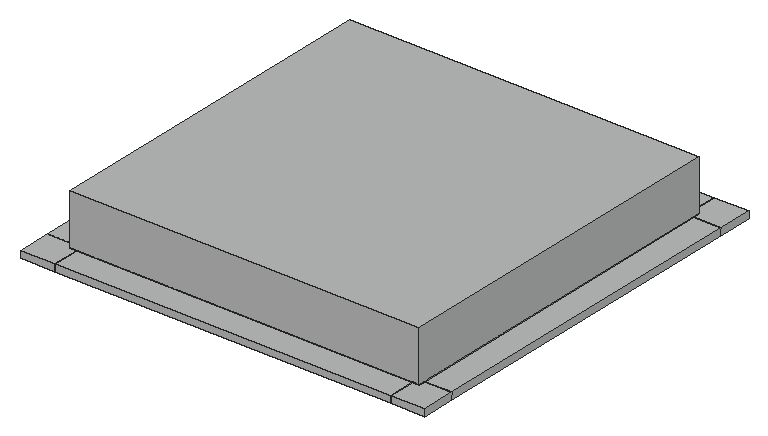
Revit family "ALUMOGIPS", category Осветительные приборы, Revit 2019 (continued)
Types (72, lengths in mm): name | Файл фотометрической сетки | built-in parameter 1150105 | Lumens | built-in parameter 1150106 | built-in parameter 1150142 | Wattage | Emit from Rectangle Width | Emit from Rectangle Length | Длина | Материал светильника | Ширина | ADSK_Ток | ADSK_Полная мощность | ADSK_Обозначение | ADSK_Номинальная мощность | ADSK_Наименование | ADSK_Масса | ADSK_Код изделия
  Alumogips-38/opal-sand 295х1195 (IP40, 4000К, серый) c БАП на 1 час | "Светильник ALUMOGIPS-38 OPAL-SAND-(295x1195).ies" | 302.39 (stored number, unit not read) | 3800 lm | 3.0239 (stored number, unit not read) | "IESNA:LM-63-1995\r\n[TEST] Протокол №334/16 от 03.11.2016г. Испытательная лаборатория Государственного предприятия \"ЦСОТ НАН Беларуси\"\r\n[MORE] FFFFFFFD255B12BA015C13F525FB5F2F2\r\n[DATA] 02.11.2016\r\n[MANUFAC] ЗАО \"Центрстройсвет\"\r\n[LUMCAT] Светильник ALUMOGIPS-38/OPAL-SAND-(295X1195)\r\n[LUMINAIRE] офисное освещение\r\n[LAMP] \r\nTILT=NONE\r\n1    -1.0   1.000 91 181 1 2   .295   1.195   0.04\r\n1.0  1.0   37.90\r\n0.0 2.0 4.0 6.0 8.0 10.0 12.0 14.0 16.0 18.0 20.0 22.0 24.0 26.0 28.0 30.0 32.0 34.0 36.0 38.0 40.0 42.0 44.0 46.0 48.0 50.0 52.0 54.0 56.0 58.0 60.0 62.0 64.0 66.0 68.0 70.0 72.0 74.0 76.0 78.0 80.0 82.0 84.0 86.0 88.0 90.0 92.0 94.0 96.0 98.0 100.0 102.0 104.0 106.0 108.0 110.0 112.0 114.0 116.0 118.0 120.0 122.0 124.0 126.0 128.0 130.0 132.0 134.0 136.0 138.0 140.0 142.0 144.0 146.0 148.0 150.0 152.0 154.0 156.0 158.0 160.0 162.0 164.0 166.0 168.0 170.0 172.0 174.0 176.0 178.0 180.0 \r\n0.0 2.0 4.0 6.0 8.0 10.0 12.0 14.0 16.0 18.0 20.0 22.0 24.0 26.0 28.0 30.0 32.0 34.0 36.0 38.0 40.0 42.0 44.0 46.0 48.0 50.0 52.0 54.0 56.0 58.0 60.0 62.0 64.0 66.0 68.0 70.0 72.0 74.0 76.0 78.0 80.0 82.0 84.0 86.0 88.0 90.0 92.0 94.0 96.0 98.0 100.0 102.0 104.0 106.0 108.0 110.0 112.0 114.0 116.0 118.0 120.0 122.0 124.0 126.0 128.0 130.0 132.0 134.0 136.0 138.0 140.0 142.0 144.0 146.0 148.0 150.0 152.0 154.0 156.0 158.0 160.0 162.0 164.0 166.0 168.0 170.0 172.0 174.0 176.0 178.0 180.0 182.0 184.0 186.0 188.0 190.0 192.0 194.0 196.0 198.0 200.0 202.0 204.0 206.0 208.0 210.0 212.0 214.0 216.0 218.0 220.0 222.0 224.0 226.0 228.0 230.0 232.0 234.0 236.0 238.0 240.0 242.0 244.0 246.0 248.0 250.0 252.0 254.0 256.0 258.0 260.0 262.0 264.0 266.0 268.0 270.0 272.0 274.0 276.0 278.0 280.0 282.0 284.0 286.0 288.0 290.0 292.0 294.0 296.0 298.0 300.0 302.0 304.0 306.0 308.0 310.0 312.0 314.0 316.0 318.0 320.0 322.0 324.0 326.0 328.0 330.0 332.0 334.0 336.0 338.0 340.0 342.0 344.0 346.0 348.0 350.0 352.0 354.0 356.0 358.0 360.0 \r\n1417.637 1416.354 1411.816 1405.303 1395.733 1384.288 1370.276 1353.307 1334.658 1313.741 1290.456 1264.901 1237.669 1208.563 1177.582 1144.923 1111.476 1076.252 \r\n1039.646 1001.857 963.476 923.417 883.260 842.018 801.072 758.644 716.317 673.693 630.576 587.064 543.749 500.435 457.614 414.891 371.972 330.137 289.191 248.836 209.765 171.778 \r\n133.693 99.653 67.389 36.901 9.077 0.592 0.592 0.592 0.493 0.493 0.493 0.493 0.493 0.493 0.493 0.493 0.395 0.395 0.395 0.395 0.395 0.395 0.395 0.296 0.296 0.296 0.296 0.296 0.296 0.296 0.296 0.197 \r\n0.197 0.197 0.197 0.197 0.197 0.197 0.197 0.098 0.098 0.098 0.098 0.098 0.098 0.098 0.098 0.000 0.000 0.000 0.000 \r\n1417.637 1416.453 1411.914 1405.402 1395.930 1384.583 1370.671 1353.701 1335.053 1314.234 1290.850 1265.395 1238.261 1209.155 1178.075 1145.515 1112.067 1076.844 \r\n1040.239 1002.548 964.167 924.207 883.951 842.708 801.762 759.336 717.008 674.383 631.267 587.755 544.441 501.126 458.206 415.385 372.465 330.631 289.585 249.231 210.160 172.172 \r\n134.088 99.949 67.685 37.198 9.275 0.592 0.592 0.592 0.493 0.493 0.493 0.493 0.493 0.493 0.493 0.493 0.395 0.395 0.395 0.395 0.395 0.395 0.395 0.296 0.296 0.296 0.296 0.296 0.296 0.296 0.296 0.197 \r\n0.197 0.197 0.197 0.197 0.197 0.197 0.197 0.098 0.098 0.098 0.098 0.098 0.098 0.098 0.098 0.000 0.000 0.000 0.000 \r\n1417.637 1416.453 1412.013 1405.600 1396.226 1384.781 1370.968 1354.095 1335.448 1314.629 1291.344 1265.888 1238.754 1209.648 1178.667 1146.206 1112.758 1077.534 \r\n1040.929 1003.140 964.857 924.898 884.740 843.400 802.453 760.026 717.698 674.976 631.859 588.446 545.032 501.718 458.798 415.977 373.057 331.124 290.079 249.625 210.553 172.567 \r\n134.383 100.245 67.883 37.394 9.472 0.592 0.592 0.592 0.493 0.493 0.493 0.493 0.493 0.493 0.493 0.493 0.395 0.395 0.395 0.395 0.395 0.395 0.395 0.296 0.296 0.296 0.296 0.296 0.296 0.296 0.296 0.197 \r\n0.197 0.197 0.197 0.197 0.197 0.197 0.197 0.098 0.098 0.098 0.098 0.098 0.098 0.098 0.098 0.000 0.000 0.000 0.000 \r\n1417.637 1416.551 1412.111 1405.796 1396.423 1385.077 1371.264 1354.391 1335.842 1315.024 1291.837 1266.382 1239.248 1210.240 1179.259 1146.798 1113.350 1078.126 \r\n1041.620 1003.831 965.548 925.588 885.431 844.090 803.143 760.717 718.389 675.666 632.549 589.038 545.723 502.310 459.390 416.569 373.550 331.617 290.474 250.119 210.948 172.863 \r\n134.679 100.541 68.178 37.591 9.669 0.592 0.592 0.592 0.493 0.493 0.493 0.493 0.493 0.493 0.493 0.493 0.395 0.395 0.395 0.395 0.395 0.395 0.395 0.296 0.296 0.296 0.296 0.296 0.296 0.296 0.296 0.197 \r\n0.197 0.197 0.197 0.197 0.197 0.197 0.197 0.098 0.098 0.098 0.098 0.098 0.098 0.098 0.098 0.000 0.000 0.000 0.000 \r\n1417.637 1416.551 1412.309 1405.895 1396.621 1385.373 1371.559 1354.786 1336.237 1315.419 1292.232 1266.875 1239.742 1210.733 1179.851 1147.390 1113.942 1078.816 \r\n1042.310 1004.521 966.238 926.279 886.121 844.879 803.834 761.408 719.080 676.357 633.240 589.728 546.315 502.902 459.982 417.062 374.043 332.110 290.967 250.513 211.343 173.258 \r\n135.074 100.837 68.376 37.888 9.965 0.592 0.592 0.592 0.493 0.493 0.493 0.493 0.493 0.493 0.493 0.493 0.395 0.395 0.395 0.395 0.395 0.395 0.395 0.296 0.296 0.296 0.296 0.296 0.296 0.296 0.296 0.197 \r\n0.197 0.197 0.197 0.197 0.197 0.197 0.197 0.098 0.098 0.098 0.098 0.098 0.098 0.098 0.098 0.000 0.000 0.000 0.000 \r\n1417.637 1416.650 1412.407 1406.093 1396.917 1385.669 1371.954 1355.181 1336.632 1315.912 1292.725 1267.368 1240.334 1211.325 1180.443 1147.982 1114.633 1079.409 \r\n1042.903 1005.212 966.929 926.969 886.812 845.569 804.524 762.098 719.770 677.048 633.832 590.320 546.907 503.494 460.574 417.654 374.636 332.603 291.460 250.908 211.738 173.653 \r\n135.371 101.133 68.671 38.086 10.163 0.592 0.592 0.592 0.493 0.493 0.493 0.493 0.493 0.493 0.493 0.493 0.395 0.395 0.395 0.395 0.395 0.395 0.395 0.296 0.296 0.296 0.296 0.296 0.296 0.296 0.296 0.197 \r\n0.197 0.197 0.197 0.197 0.197 0.197 0.197 0.098 0.098 0.098 0.098 0.098 0.098 0.098 0.098 0.000 0.000 0.000 0.000 \r\n1417.637 1416.650 1412.506 1406.191 1397.114 1385.866 1372.250 1355.576 1337.027 1316.307 1293.218 1267.861 1240.827 1211.918 1181.035 1148.672 1115.225 1080.099 \r\n1043.593 1005.902 967.620 927.660 887.503 846.260 805.215 762.789 720.461 677.739 634.523 591.011 547.598 504.086 461.166 418.247 375.129 333.098 291.855 251.401 212.132 173.948 \r\n135.666 101.429 68.968 38.381 10.360 0.592 0.592 0.592 0.493 0.493 0.493 0.493 0.493 0.493 0.493 0.493 0.395 0.395 0.395 0.395 0.395 0.395 0.395 0.296 0.296 0.296 0.296 0.296 0.296 0.296 0.296 0.197 \r\n0.197 0.197 0.197 0.197 0.197 0.197 0.197 0.098 0.098 0.098 0.098 0.098 0.098 0.098 0.098 0.000 0.000 0.000 0.000 \r\n1417.637 1416.650 1412.604 1406.389 1397.311 1386.162 1372.546 1355.871 1337.421 1316.701 1293.613 1268.355 1241.320 1212.411 1181.627 1149.265 1115.816 1080.691 \r\n1044.284 1006.593 968.212 928.351 888.194 846.951 805.906 763.479 721.151 678.429 635.213 591.702 548.190 504.777 461.758 418.740 375.721 333.591 292.348 251.796 212.527 174.343 \r\n135.962 101.627 69.165 38.579 10.557 0.592 0.592 0.592 0.493 0.493 0.493 0.493 0.493 0.493 0.493 0.395 0.395 0.395 0.395 0.395 0.395 0.395 0.395 0.296 0.296 0.296 0.296 0.296 0.296 0.296 0.296 0.197 \r\n0.197 0.197 0.197 0.197 0.197 0.197 0.197 0.098 0.098 0.098 0.098 0.098 0.098 0.098 0.098 0.000 0.000 0.000 0.000 \r\n1417.637 1416.749 1412.704 1406.586 1397.607 1386.458 1372.941 1356.266 1337.815 1317.095 1294.106 1268.848 1241.813 1213.003 1182.219 1149.856 1116.409 1081.382 \r\n1044.876 1007.283 968.902 929.042 888.885 847.642 806.597 764.170 721.843 679.120 635.806 592.293 548.881 505.368 462.351 419.332 376.214 334.084 292.841 252.191 212.922 174.738 \r\n136.357 101.922 69.461 38.776 10.853 0.592 0.592 0.592 0.493 0.493 0.493 0.493 0.493 0.493 0.493 0.395 0.395 0.395 0.395 0.395 0.395 0.395 0.395 0.296 0.296 0.296 0.296 0.296 0.296 0.296 0.296 0.197 \r\n0.197 0.197 0.197 0.197 0.197 0.197 0.197 0.098 0.098 0.098 0.098 0.098 0.098 0.098 0.098 0.000 0.000 0.000 0.000 \r\n1417.637 1416.749 1412.802 1406.684 1397.805 1386.754 1373.237 1356.661 1338.210 1317.589 1294.599 1269.341 1242.406 1213.496 1182.811 1150.448 1117.099 1081.974 \r\n1045.566 1007.974 969.593 929.732 889.575 848.333 807.287 764.861 722.533 679.712 636.496 592.985 549.472 505.960 462.942 419.825 376.707 334.577 293.236 252.684 213.317 175.034 \r\n136.652 102.218 69.659 39.072 11.051 0.592 0.592 0.592 0.493 0.493 0.493 0.493 0.493 0.493 0.493 0.395 0.395 0.395 0.395 0.395 0.395 0.395 0.395 0.296 0.296 0.296 0.296 0.296 0.296 0.296 0.296 0.197 \r\n0.197 0.197 0.197 0.197 0.197 0.197 0.197 0.098 0.098 0.098 0.098 0.098 0.098 0.098 0.098 0.000 0.000 0.000 0.000 \r\n1417.637 1416.848 1412.901 1406.882 1398.002 1387.051 1373.533 1356.957 1338.605 1317.983 1294.994 1269.834 1242.899 1214.089 1183.403 1151.041 1117.692 1082.665 \r\n1046.257 1008.566 970.284 930.423 890.266 849.121 807.978 765.552 723.224 680.403 637.187 593.675 550.163 506.553 463.534 420.416 377.300 335.071 293.729 253.079 213.712 175.429 \r\n136.949 102.515 69.954 39.269 11.248 0.592 0.592 0.592 0.493 0.493 0.493 0.493 0.493 0.493 0.493 0.395 0.395 0.395 0.395 0.395 0.395 0.395 0.395 0.296 0.296 0.296 0.296 0.296 0.296 0.296 0.296 0.197 \r\n0.197 0.197 0.197 0.197 0.197 0.197 0.197 0.098 0.098 0.098 0.098 0.098 0.098 0.098 0.098 0.000 0.000 0.000 0.000 \r\n1417.637 1416.848 1412.999 1407.079 1398.298 1387.247 1373.829 1357.352 1339.000 1318.378 1295.488 1270.327 1243.392 1214.680 1183.995 1151.731 1118.283 1083.257 \r\n1046.849 1009.257 970.975 931.113 891.055 849.813 808.668 766.242 723.914 681.093 637.779 594.266 550.755 507.145 464.126 421.009 377.793 335.564 294.222 253.474 214.105 175.823 \r\n137.343 102.810 70.250 39.467 11.445 0.592 0.592 0.592 0.493 0.493 0.493 0.493 0.493 0.493 0.493 0.395 0.395 0.395 0.395 0.395 0.395 0.395 0.395 0.296 0.296 0.296 0.296 0.296 0.296 0.296 0.296 0.197 \r\n0.197 0.197 0.197 0.197 0.197 0.197 0.197 0.098 0.098 0.098 0.098 0.098 0.098 0.098 0.098 0.000 0.000 0.000 0.000 \r\n1417.637 1416.946 1413.098 1407.178 1398.495 1387.544 1374.223 1357.747 1339.395 1318.773 1295.882 1270.822 1243.886 1215.174 1184.587 1152.323 1118.974 1083.848 \r\n1047.540 1009.947 971.665 931.903 891.746 850.503 809.359 766.933 724.507 681.784 638.470 594.958 551.445 507.836 464.718 421.502 378.287 336.057 294.617 253.967 214.500 176.119 \r\n137.640 103.106 70.447 39.762 11.741 0.592 0.592 0.592 0.493 0.493 0.493 0.493 0.493 0.493 0.493 0.395 0.395 0.395 0.395 0.395 0.395 0.395 0.395 0.296 0.296 0.296 0.296 0.296 0.296 0.296 0.296 0.197 \r\n0.197 0.197 0.197 0.197 0.197 0.197 0.197 0.098 0.098 0.098 0.098 0.098 0.098 0.098 0.098 0.000 0.000 0.000 0.000 \r\n1417.637 1416.946 1413.197 1407.376 1398.693 1387.839 1374.520 1358.042 1339.789 1319.168 1296.376 1271.315 1244.477 1215.765 1185.179 1152.915 1119.566 1084.539 \r\n1048.230 1010.638 972.356 932.594 892.436 851.194 810.050 767.623 725.197 682.474 639.160 595.649 552.038 508.427 465.310 422.094 378.878 336.550 295.111 254.362 214.895 176.514 \r\n137.935 103.403 70.744 39.960 11.939 0.592 0.592 0.592 0.493 0.493 0.493 0.493 0.493 0.493 0.493 0.395 0.395 0.395 0.395 0.395 0.395 0.395 0.395 0.296 0.296 0.296 0.296 0.296 0.296 0.296 0.296 0.197 \r\n0.197 0.197 0.197 0.197 0.197 0.197 0.197 0.098 0.098 0.098 0.098 0.098 0.098 0.098 0.098 0.000 0.000 0.000 0.000 \r\n1417.637 1417.044 1413.295 1407.474 1398.890 1388.135 1374.815 1358.437 1340.184 1319.661 1296.869 1271.808 1244.971 1216.258 1185.673 1153.507 1120.158 1085.131 \r\n1048.823 1011.329 973.046 933.284 893.127 851.884 810.741 768.314 725.888 683.165 639.752 596.240 552.728 509.019 465.902 422.686 379.371 337.044 295.505 254.757 215.388 176.909 \r\n138.232 103.698 70.942 40.157 12.136 0.592 0.592 0.592 0.493 0.493 0.493 0.493 0.493 0.493 0.493 0.395 0.395 0.395 0.395 0.395 0.395 0.395 0.395 0.296 0.296 0.296 0.296 0.296 0.296 0.296 0.296 0.197 \r\n0.197 0.197 0.197 0.197 0.197 0.197 0.197 0.098 0.098 0.098 0.098 0.098 0.098 0.098 0.098 0.000 0.000 0.000 0.000 \r\n1417.637 1417.044 1413.394 1407.671 1399.187 1388.333 1375.111 1358.832 1340.578 1320.056 1297.264 1272.301 1245.464 1216.851 1186.264 1154.099 1120.849 1085.822 \r\n1049.513 1012.020 973.737 933.975 893.818 852.575 811.432 769.004 726.578 683.855 640.443 596.930 553.321 509.611 466.494 423.180 379.964 337.537 295.999 255.250 215.783 177.304 \r\n138.626 103.994 71.237 40.453 12.333 0.592 0.592 0.592 0.493 0.493 0.493 0.493 0.493 0.493 0.493 0.395 0.395 0.395 0.395 0.395 0.395 0.395 0.395 0.296 0.296 0.296 0.296 0.296 0.296 0.296 0.296 0.197 \r\n0.197 0.197 0.197 0.197 0.197 0.197 0.197 0.098 0.098 0.098 0.098 0.098 0.098 0.098 0.098 0.000 0.000 0.000 0.000 \r\n1417.637 1417.143 1413.492 1407.869 1399.383 1388.629 1375.506 1359.226 1340.973 1320.451 1297.757 1272.795 1246.056 1217.443 1186.856 1154.790 1121.441 1086.414 \r\n1050.204 1012.711 974.428 934.665 894.508 853.365 812.122 769.695 727.269 684.448 641.134 597.523 554.011 510.203 467.086 423.772 380.457 338.031 296.492 255.645 216.178 177.599 \r\n138.922 104.291 71.533 40.650 12.629 0.592 0.592 0.592 0.493 0.493 0.493 0.493 0.493 0.493 0.493 0.395 0.395 0.395 0.395 0.395 0.395 0.395 0.395 0.296 0.296 0.296 0.296 0.296 0.296 0.296 0.296 0.197 \r\n0.197 0.197 0.197 0.197 0.197 0.197 0.197 0.098 0.098 0.098 0.098 0.098 0.098 0.098 0.098 0.000 0.000 0.000 0.000 \r\n1417.637 1417.143 1413.592 1407.967 1399.580 1388.925 1375.803 1359.523 1341.367 1320.845 1298.250 1273.288 1246.550 1217.936 1187.448 1155.382 1122.032 1087.105 \r\n1050.894 1013.401 975.119 935.356 895.199 854.055 812.813 770.386 727.959 685.138 641.725 598.213 554.603 510.795 467.678 424.265 380.951 338.524 296.887 256.038 216.573 177.994 \r\n139.218 104.586 71.730 40.848 12.826 0.592 0.592 0.493 0.493 0.493 0.493 0.493 0.493 0.493 0.493 0.395 0.395 0.395 0.395 0.395 0.395 0.395 0.395 0.296 0.296 0.296 0.296 0.296 0.296 0.296 0.296 0.197 \r\n0.197 0.197 0.197 0.197 0.197 0.197 0.197 0.098 0.098 0.098 0.098 0.098 0.098 0.098 0.098 0.000 0.000 0.000 0.000 \r\n1417.637 1417.242 1413.690 1408.165 1399.877 1389.220 1376.098 1359.917 1341.762 1321.339 1298.645 1273.781 1247.043 1218.528 1188.041 1155.974 1122.723 1087.697 \r\n1051.487 1013.993 975.810 936.046 895.889 854.746 813.503 771.077 728.650 685.829 642.416 598.904 555.294 511.486 468.270 424.857 381.542 339.018 297.380 256.533 216.967 178.389 \r\n139.613 104.882 72.026 41.143 13.024 0.592 0.592 0.493 0.493 0.493 0.493 0.493 0.493 0.493 0.493 0.395 0.395 0.395 0.395 0.395 0.395 0.395 0.395 0.296 0.296 0.296 0.296 0.296 0.296 0.296 0.296 0.197 \r\n0.197 0.197 0.197 0.197 0.197 0.197 0.197 0.098 0.098 0.098 0.098 0.098 0.098 0.098 0.098 0.000 0.000 0.000 0.000 \r\n1417.637 1417.242 1413.789 1408.362 1400.075 1389.517 1376.394 1360.311 1342.157 1321.733 1299.138 1274.274 1247.536 1219.022 1188.632 1156.566 1123.315 1088.388 \r\n1052.177 1014.684 976.500 936.738 896.581 855.436 814.194 771.768 729.341 686.519 643.107 599.496 555.885 512.078 468.862 425.449 382.035 339.511 297.873 256.926 217.362 178.685 \r\n139.909 105.079 72.223 41.341 13.221 0.592 0.592 0.493 0.493 0.493 0.493 0.493 0.493 0.493 0.493 0.395 0.395 0.395 0.395 0.395 0.395 0.395 0.395 0.296 0.296 0.296 0.296 0.296 0.296 0.296 0.296 0.197 \r\n0.197 0.197 0.197 0.197 0.197 0.197 0.197 0.098 0.098 0.098 0.098 0.098 0.098 0.098 0.098 0.000 0.000 0.000 0.000 \r\n1417.637 1417.341 1413.986 1408.461 1400.271 1389.715 1376.789 1360.608 1342.552 1322.128 1299.632 1274.768 1248.128 1219.614 1189.224 1157.256 1123.907 1088.980 \r\n1052.868 1015.374 977.191 937.428 897.369 856.127 814.884 772.458 730.032 687.211 643.698 600.187 556.577 512.670 469.454 425.942 382.529 340.004 298.268 257.321 217.756 179.080 \r\n140.204 105.376 72.520 41.538 13.517 0.592 0.592 0.493 0.493 0.493 0.493 0.493 0.4
